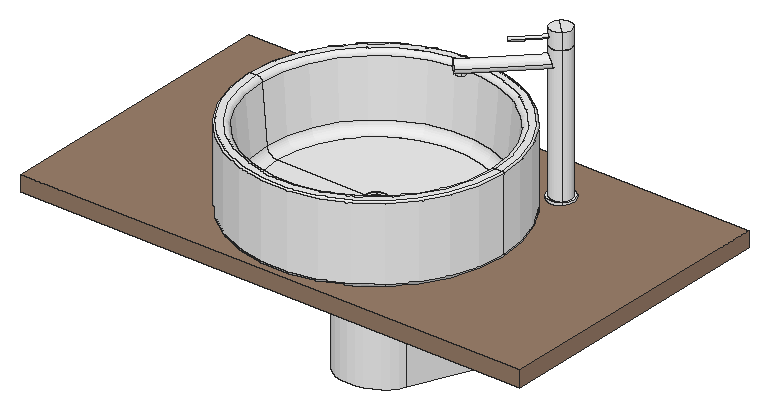
Revit family "Sink Round", category Plumbing Fixtures, Revit 2015
Parameters
  Tap = yes
  Tap Height = 300 mm
  Shelf Thickness = 30 mm
  Shelf Length = 980 mm
  Shelf Depth = 560 mm
  Material Taps and Fittings = Chrome Polished
  Material Sink = Porcelain White
  Material Shelf = Walnut
  Manufacturer = ""
  Keynote = ""
  Assembly Code = ""
Reference planes
  plane 1 "Center (Front/Back)": y = 0
  plane 2: z = 0
  plane 3 "Center (Left/Right)": x = 24.85
  plane 4: x = -465.15
  plane 5: x = 514.85
  plane 6: y = -560
  plane 7: y = -300
Forms (mm)
  Extrusion 1, solid, material "Walnut" <- "Material Shelf"
    sketch origin (0, 0, 0) x (1, 0, 0) y (0, 1, 0)
      loop
        line (-465.15, 0) -> (-465.15, -560) -> (514.85, -560) -> (514.85, 0) -> (-465.15, 0)
    from 0 to -30
  Revolve 2, solid, material "Porcelain White" <- "Material Sink"
    sketch origin (-373.715, -300, 4000) x (-1, 0, 0) y (0, 0, 1)
      loop
        line (-381.565, -4000) -> (-153.565, -4000)
        arc (-153.565, -4000) -> (-150.03, -3998.536) -> (-148.565, -3995) r 5
        line (-148.565, -3995) -> (-148.565, -3853)
        arc (-148.565, -3853) -> (-149.444, -3850.879) -> (-151.565, -3850) r 3
        line (-151.565, -3850) -> (-164.402, -3850)
        arc (-164.402, -3850) -> (-171.158, -3852.627) -> (-174.364, -3859.128) r 10
        line (-174.364, -3859.128) -> (-183.779, -3966.743)
        arc (-183.779, -3966.743) -> (-190.191, -3979.746) -> (-203.703, -3985) r 20
        line (-203.703, -3985) -> (-376.565, -3985) -> (-376.565, -3986.535) -> (-381.565, -3986.535) -> (-381.565, -4000)
      axis (-398.565, -4000) -> (-398.565, -3850)
    angle from 0 to 360
  Revolve 3, solid, material "Chrome Polished" <- "Material Taps and Fittings"
    sketch origin (-373.715, -300, 4000) x (-1, 0, 0) y (0, 0, 1)
      loop
        line (-384.827, -3985) -> (-384.827, -3996.275) -> (-398.565, -3996.275) -> (-398.565, -4000) -> (-381.565, -4000) -> (-381.565, -3986.535) -> (-376.565, -3986.535) -> (-376.565, -3985) -> (-384.827, -3985)
      axis (-398.565, -4000) -> (-398.565, -3985)
    angle from 0 to 360
  Extrusion 4, solid, material "Chrome Polished" <- "Material Taps and Fittings"
    sketch origin (0, 0, 0) x (1, 0, 0) y (0, 1, 0)
      loop
        arc (-44.237, -311.271) -> (24.85, -370) -> (93.937, -311.271) r 70
        line (93.937, -311.271) -> (144.718, 0) -> (-95.018, 0) -> (-44.237, -311.271)
    from -30 to -335.824
  Extrusion 5, void
    sketch origin (24.85, 0, 0) x (0, 1, 0) y (0, 0, 1)
      loop
        line (-380, -335.824) -> (0, -335.824) -> (-380, -275.824) -> (-380, -335.824)
    from -182.71 to 165.115
Cuts and joins
  Extrusion 5 cuts Extrusion 1
  Extrusion 5 cuts Revolve 2
  Extrusion 5 cuts Revolve 3
  Extrusion 5 cuts Extrusion 4
Lines and regions (mm)
  symbolic lines
    curve 1: circle (24.85, -300, 0) r 17 normal (0, 0, 1)
    curve 2: arc (193.127, -115.114, 0) -> (-152.405, -476.297, 0) -> (210.644, -132.727, 0) r 250
    curve 3: arc (172.149, -136.589, 0) -> (-131.472, -454.801, 0) -> (189.693, -154.306, 0) r 220
    curve 4: line (-465.15, 0, 0) -> (-465.15, -560, 0)
    curve 5: line (-465.15, -560, 0) -> (514.85, -560, 0)
    curve 6: line (514.85, -560, 0) -> (514.85, 0, 0)
    curve 7: line (514.85, 0, 0) -> (-465.15, 0, 0)
Dimensions and locks
  equal spacing: plane 4, plane 3 "Center (Left/Right)", plane 5
  "Shelf Length": plane 4 to plane 5
  "Shelf Depth": plane 6 to plane 1 "Center (Front/Back)"
  "Shelf Thickness": level to Extrusion 1
  plane 3 "Center (Left/Right)" to Revolve 2 sketch curve = 250 mm
  aligned and locked: Extrusion 4 to Extrusion 1
  aligned and locked: Extrusion 4 sketch curve to plane 1 "Center (Front/Back)"
Automatic sketch dimensions
  Extrusion 1 sketch curve to plane 4 = 0 mm
  Extrusion 1 sketch curve to plane 5 = 0 mm
  Extrusion 1 sketch curve to plane 6 = 0 mm
  Extrusion 1 sketch curve to plane 1 "Center (Front/Back)" = 0 mm
  Revolve 2 sketch curve to plane 3 "Center (Left/Right)" = 0 mm
  Revolve 2 sketch curve to level = 0 mm
  Revolve 2 sketch curve to plane 3 "Center (Left/Right)" = 17 mm
  Revolve 2 sketch curve to Revolve 2 sketch curve = 5 mm  (x2)
  level to Revolve 2 sketch curve = 35 mm
  Revolve 2 sketch curve to Revolve 2 sketch curve = 19.924 mm
  Revolve 2 sketch curve to Revolve 2 sketch curve = 9.415 mm
  Revolve 2 sketch curve to Revolve 2 sketch curve = 9.962 mm
  Revolve 2 sketch curve to Revolve 2 sketch curve = 30.214 mm
  Revolve 2 sketch curve to Revolve 2 sketch curve = 12.837 mm
  Revolve 2 sketch curve to level = 50 mm
  level to Revolve 2 sketch curve = 13.465 mm
  Revolve 2 sketch curve to Revolve 2 sketch curve = 1.535 mm
  Revolve 2 sketch curve to Revolve 2 sketch curve = 41.535 mm
  Revolve 2 sketch curve to Revolve 2 sketch curve = 106.743 mm
  Revolve 2 sketch curve to Revolve 2 sketch curve = 0.872 mm
  Revolve 3 sketch curve to level = 0 mm
  Revolve 3 sketch curve to plane 3 "Center (Left/Right)" = 0 mm  (x2)
  level to Revolve 3 sketch curve = 3.725 mm
  Revolve 3 sketch curve to Revolve 3 sketch curve = 13.738 mm
  Revolve 3 sketch curve to Revolve 3 sketch curve = 3.262 mm
  Revolve 3 sketch curve to Revolve 3 sketch curve = 5 mm
  Revolve 3 sketch curve to level = 6.992 mm
  Revolve 3 sketch curve to Revolve 3 sketch curve = 9.74 mm
  Revolve 3 sketch curve to Revolve 3 sketch curve = 1.535 mm
  Revolve 3 sketch curve to Revolve 3 sketch curve = 12.012 mm
  Extrusion 5 sketch curve to plane 1 "Center (Front/Back)" = 0 mm
  Extrusion 5 sketch curve to plane 7 = 80 mm
  Extrusion 5 sketch curve to level = 335.824 mm
  Extrusion 5 sketch curve to Extrusion 5 sketch curve = 60 mm
  Extrusion 4 sketch curve to plane 3 "Center (Left/Right)" = 0 mm
  Extrusion 4 sketch curve to plane 7 = 0 mm
  Extrusion 4 sketch curve to plane 7 = 11.271 mm  (x2)
  Extrusion 4 sketch curve to plane 3 "Center (Left/Right)" = 69.087 mm
  Extrusion 4 sketch curve to plane 3 "Center (Left/Right)" = 119.868 mm
  plane 3 "Center (Left/Right)" to Extrusion 4 sketch curve = 119.868 mm
  curve 1 to curve 2 = 0 mm
  curve 1 to curve 3 = 0 mm
  curve 2 to curve 3 = 0 mm  (x2)
  curve 2 to plane 3 "Center (Left/Right)" = 0 mm
  curve 2 to plane 7 = 0 mm
  curve 3 to curve 3 = 17.545 mm
  plane 1 "Center (Front/Back)" to curve 3 = 136.589 mm
  curve 3 to curve 2 = 20.979 mm
  curve 2 to curve 2 = 17.517 mm
  curve 4 to plane 1 "Center (Front/Back)" = 0 mm
  curve 4 to plane 4 = 0 mm
  curve 6 to plane 5 = 0 mm
  curve 4 to plane 6 = 0 mm
  radius of curve 1 = 17 mm
  radius of curve 2 = 250 mm
  radius of curve 3 = 220 mm
Nested families
  nested 1: "Tap Style C" at (226.375, -98.475, 0) x (0.7071, -0.7071, 0) z (0, 0, 1), visible <- "Tap", Material <- "Material Taps and Fittings", type "Tap Style C"
Definition of nested family "Tap Style C"
  Parameters
    Tap Height = 300 mm
    Material [instance] = none
    Manufacturer = ""
  Reference planes
    plane 1 "Center (Front/Back)": y = 0
    plane 2: z = 0
    plane 3 "Center (Left/Right)": x = 0
  Forms (mm)
    Revolve 1, solid, material <- "Material"
      sketch origin (0, 0, 0) x (1, 0, 0) y (0, 0, 1)
        loop
          line (0, 0) -> (0, 300) -> (-20, 300) -> (-20, 270) -> (-18, 270) -> (-18, 268) -> (-20, 268) -> (-20, 4) -> (-25, 4) -> (-25, 0) -> (0, 0)
        axis (0, 0) -> (0, 300)
      angle from 0 to 360
    Extrusion 2, solid, material <- "Material"
      sketch origin (0, 0, 0) x (1, 0, 0) y (0, 0, 1)
        loop
          circle (0, 283.268) r 3
      from 0 to 82.043
    Extrusion 3, solid, material <- "Material"
      sketch origin (0, 0, 0) x (1, 0, 0) y (0, 0, 1)
        loop
          circle (0, 240.642) r 12
      from 0 to 165.708
    Extrusion 4, void
      sketch origin (0, 0, -1.47) x (0, -1, 0) y (0, 0, 1)
        loop
          line (165.708, 229.642) -> (165.708, 234.642) -> (140.708, 234.642) -> (140.708, 229.642) -> (165.708, 229.642)
      from -15.058 to 15.415
    Extrusion 5, solid, material <- "Material"
      sketch origin (0, 0, 0) x (1, 0, 0) y (0, 1, 0)
        loop
          circle (0, -154.43) r 8
      from 227.072 to 233.172
  Cuts and joins
    Extrusion 4 cuts Revolve 1
    joined: Revolve 1, Extrusion 5
    Extrusion 4 cuts Extrusion 2
    Extrusion 4 cuts Extrusion 3
  Dimensions and locks
    "Tap Height": Revolve 1 sketch curve to level
    locked: Extrusion 4 sketch curve to Extrusion 4 sketch curve at 5
    locked: cut or joined group of Revolve 1, Extrusion 4, Extrusion 5 to Extrusion 5 at 6.1
    locked: cut or joined group of Revolve 1, Extrusion 4, Extrusion 5 to Extrusion 2 sketch curve at 16.732
    locked: cut or joined group of Revolve 1, Extrusion 4, Extrusion 5 to Extrusion 3 sketch curve at 59.358
    locked: cut or joined group of Revolve 1, Extrusion 4, Extrusion 5 to cut or joined group of Extrusion 3, Extrusion 4 at 66.828
    aligned and locked: Extrusion 2 to plane 1 "Center (Front/Back)"
    aligned and locked: Extrusion 3 to plane 1 "Center (Front/Back)"
    aligned and locked: cut or joined group of Revolve 1, Extrusion 4, Extrusion 5 to Extrusion 5
  Automatic sketch dimensions
    Revolve 1 sketch curve to level = 0 mm
    Revolve 1 sketch curve to plane 3 "Center (Left/Right)" = 0 mm  (x2)
    Revolve 1 sketch curve to plane 3 "Center (Left/Right)" = 18 mm
    Revolve 1 sketch curve to Revolve 1 sketch curve = 2 mm  (x2)
    Revolve 1 sketch curve to Revolve 1 sketch curve = 0 mm
    Revolve 1 sketch curve to Revolve 1 sketch curve = 5 mm
    Revolve 1 sketch curve to level = 25 mm
    level to Revolve 1 sketch curve = 4 mm
    Revolve 1 sketch curve to Revolve 1 sketch curve = 32 mm
    Revolve 1 sketch curve to Revolve 1 sketch curve = 24 mm
    Extrusion 2 sketch curve to plane 3 "Center (Left/Right)" = 0 mm
    Extrusion 3 sketch curve to plane 3 "Center (Left/Right)" = 0 mm
    Extrusion 4 sketch curve to Extrusion 4 sketch curve = 25 mm
    Extrusion 5 sketch curve to plane 3 "Center (Left/Right)" = 0 mm
    level to Extrusion 4 sketch curve = 228.172 mm
    plane 1 "Center (Front/Back)" to Extrusion 4 sketch curve = 140.708 mm
    plane 1 "Center (Front/Back)" to Extrusion 5 sketch curve = 154.43 mm
    radius of Extrusion 2 sketch curve = 3 mm
    radius of Extrusion 3 sketch curve = 12 mm
    radius of Extrusion 5 sketch curve = 8 mm
